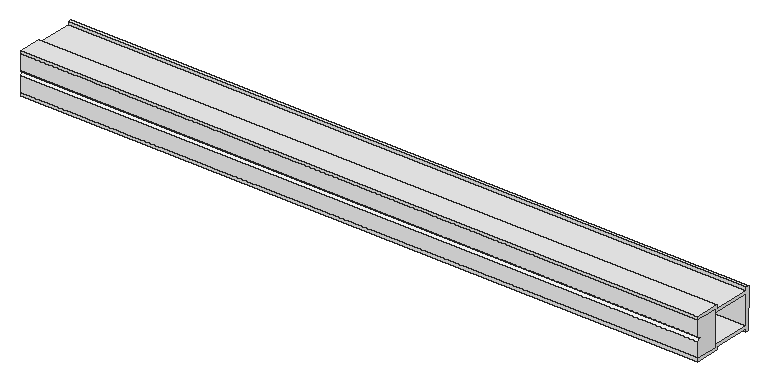
Revit family "4070749+4070746 Feilo Sylvania Lighting Fixture CURSUS 591MM 435LM OVAL LED 4K with CONTINUOUS WALL HOUSING", category Lighting Fixtures, host Face, Revit 2017
Family settings
  Host = Face
  Round Connector Dimension = Use Diameter
  Part Type = Normal
  OmniClass Number = 23.80.70.14
  OmniClass Title = Luminaries for External Lighting
  Cut with Voids When Loaded = Yes
  Light Source = Yes
  Shared = Yes
  Room Calculation Point = No
Parameters (values of type "4070749 CURSUS 591MM 435LM OVAL LED 4K")
  Width_FEILO = 35 mm
  Weight = "1.2 kg"
  Wattage Comments = "n/a"
  Wattage = 9 W
  WarrantyStartDate [instance] = "n/a"
  WarrantyGuarantorParts = "n/a"
  WarrantyDurationUnit = "n/a"
  WarrantyDurationParts = "n/a"
  WarrantyDescription = "n/a"
  WallThickness_FEILO = 2.5 mm
  built-in parameter 1150110 = 1 (stored number, unit not read)
  Voltage = 24 V
  URL = "http://www.sylvania-lighting.com"
  TypeName = "CURSUS 591MM 435LM OVAL LED 4K"
  Type Image = <None>
  Type Comments = "n/a"
  built-in parameter 1114217 = 1 (stored number, unit not read)
  Tilt Angle = -90.00°
  built-in parameter 1150109 = 1 (stored number, unit not read)
  built-in parameter 1150134 = 12
  built-in parameter 1150113 = 1 (stored number, unit not read)
  SerialNumber [instance] = "n/a"
  ReflectorMaterial = none
  PowerFactor = 0
  PowerConsumption = "9 W"
  Photometric Web File = "4070749.ies"
  NominalLength = 591 mm
  NominalHeight = 50 mm
  NominalDepth = 30 mm
  Name = "CURSUS 591MM 435LM OVAL LED 4K"
  ModelReference = Name  # "CURSUS 591MM 435LM OVAL LED 4K"
  ModelNumber = "4070749"
  Model = Name  # "CURSUS 591MM 435LM OVAL LED 4K"
  Material = "natural anodised extruded aluminium structure housing, optical system with pmma lenses diffuser"
  ManufacturerName = "Feilo Sylvania"
  Manufacturer = "Feilo Sylvania"
  LuminousEfficacy = "48.33 lm/W"
  built-in parameter 1150105 = 595.73 (stored number, unit not read)
  Lumens = 435 lm
  LuminaireType = ""
  built-in parameter 1150115 = 1 (stored number, unit not read)
  LightOutputRatio = "100"
  built-in parameter 1150137 = (empty or 0)
  built-in parameter 1150139 = (empty or 0)
  Length_FEILO = 597 mm
  LampsType = Lamp  # "LED"
  LampNominalLuminous = "435 lm"
  LampMacAdamStep = "n/a"
  LampColourTemperature = "4000 K"
  LampColourRenderingIndex = "80"
  built-in parameter 1150112 = 1 (stored number, unit not read)
  built-in parameter 1150114 = 1 (stored number, unit not read)
  Lamp = "LED"
  Keynote = "16500"
  InstallationDate [instance] = "n/a"
  InputVoltage = "24V DC"
  InputNominalFrequency = "n/a"
  built-in parameter 1150132 = (empty or 0)
  built-in parameter 1150102 = (empty or 0)
  built-in parameter 1150107 = 4000 (stored number, unit not read)
  built-in parameter 1150138 = (empty or 0)
  IngressProtection = "IP67"
  ImpactProtectionIndex = "IK07"
  built-in parameter 1150106 = 5.9573 (stored number, unit not read)
  IfcExportType = "IfcLightFixtureType"
  IfcExportAs = "IfcLightFixtureType"
  ExpectedLife = 50000
  EndCapRight [instance] = no
  EndCapLeft [instance] = no
  Emit from Rectangle Width = Width_FEILO - WallThickness_FEILO * 2  # 30 mm
  Emit from Rectangle Length = Length_FEILO - WallThickness_FEILO * 2  # 592 mm
  Emit Shape Visible in Rendering = no
  ElectricShockClassification = "Class III"
  built-in parameter 1150104 = 4.4903 (stored number, unit not read)
  DurationUnit = "hours"
  DocumentationLiterature = "http://www.sylvania-lighting.com/product/en-int/products/4070749"
  DimmingControlOptions = "n/a"
  Dimming Lamp Color Temperature Shift = <None>
  DiffuserMaterial = Diffuser-Sylvania-Glow
  Description = "LED Exterior Lighting Recessed Surface Mounted Linear Fixture, Natural anodised extruded aluminium structure. Die-cast aluminium end caps. Installation kit with harmonic steel springs., 435 lm, 9W, 48lm/W, 4000K, CRI80+,non dimmable,IP67, IK07, (HxWxD) 591x50x30mm, 3 step Mac Adam Ellipse, 1.2kg,, Classe III, 21-25V-DC, energy class : A++, A+, A"
  Default Elevation = 1219.2 mm
  CreatedOn = "1/8/2018"
  CreatedBy = ""
  Cost = 0
  Color Filter = 16777215
  built-in parameter 1114216 [instance] = (empty or 0)
  ClassificationValue = "EF_70_80"
  ClassificationName = "Uniclass2015"
  BodyMaterial = Body-Sylvania-Gray
  BarCode [instance] = "n/a"
  built-in parameter 1114218 = 1 (stored number, unit not read)
  built-in parameter 1150133 = 10 (stored number, unit not read)
  AssetType = "Fixed"
  AssetIdentifier [instance] = "n/a"
  Assembly Code = "D5020200"
  Apparent Load = 9 VA
  AccessoryMaterial = Diffuser-Sylvania-Glow
Reference planes
  plane 1 "Center (Front/Back)": y = 0
  plane 2: z = 0
  plane 3 "Center (Left/Right)": x = 0
  plane 4: x = 298.5
  plane 5: x = -298.5
  plane 6: x = -296
  plane 7: x = 296
  plane 8: z = 35
  plane 9: z = 17.5
  plane 10: z = 32.5
  plane 11: z = 2.5
  plane 12: z = 30
  plane 13: z = 5
  plane 14: y = -55
  plane 15: y = -53
  plane 16: y = -2.5
  plane 17: y = -37
  plane 18: y = -34.5
Forms (mm)
  Extrusion 1, solid, material "Body-Sylvania-Gray" <- "BodyMaterial"
    sketch origin (0, 0, 0) x (0, 1, 0) y (0, 0, 1)
      loop
        line (0, 35) -> (-2.5, 35) -> (-2.5, 32.5) -> (-34.5, 32.5) -> (-34.5, 35) -> (-55, 35) -> (-55, 32.5) -> (-37, 32.5) -> (-37, 30) -> (-2.5, 30) -> (-2.5, 5) -> (-37, 5) -> (-37, 2.5) -> (-55, 2.5) -> (-55, 0) -> (-34.5, 0) -> (-34.5, 2.5) -> (-2.5, 2.5) -> (-2.5, 0) -> (0, 0) -> (0, 35)
    from -296 to 296
  Extrusion 2, solid, material "Diffuser-Sylvania-Glow" <- "DiffuserMaterial"
    sketch origin (0, 0, 0) x (0, 1, 0) y (0, 0, 1)
      loop
        line (-37, 32.5) -> (-55, 32.5) -> (-55, 19.5) -> (-53, 17.5) -> (-55, 15.5) -> (-55, 2.5) -> (-37, 2.5) -> (-37, 32.5)
    from -296 to 296
  Extrusion 3, solid, material "Body-Sylvania-Gray" <- "BodyMaterial", visible <- "EndCapRight"
    sketch origin (296, 1524, 1219.2) x (0, 1, 0) y (0, 0, 1)
      loop
        line (-1579, -1184.2) -> (-1579, -1219.2) -> (-1524, -1219.2) -> (-1524, -1184.2) -> (-1579, -1184.2)
    from 0 to 2.5
  Extrusion 4, solid, material "Body-Sylvania-Gray" <- "BodyMaterial", visible <- "EndCapLeft"
    sketch origin (-296, 1524, 1219.2) x (0, 1, 0) y (0, 0, 1)
      loop
        line (-1579, -1184.2) -> (-1579, -1219.2) -> (-1524, -1219.2) -> (-1524, -1184.2) -> (-1579, -1184.2)
    from -2.5 to 0
Dimensions and locks
  equal spacing: plane 5, plane 3 "Center (Left/Right)", plane 4
  "Length_FEILO": plane 5 to plane 4
  equal spacing: plane 6, plane 3 "Center (Left/Right)", plane 7
  "WallThickness_FEILO": plane 5 to plane 6
  locked: plane 9 to plane 2 at 17.5
  locked: plane 8 to plane 2 at 35
  equal spacing: plane 11, plane 9, plane 10
  equal spacing: plane 13, plane 9, plane 12
  "WallThickness_FEILO": plane 12 to plane 10
  locked: plane 14 to plane 15 at 2
  locked: plane 14 to plane 17 at 18
  "WallThickness_FEILO": plane 17 to plane 18
  "WallThickness_FEILO": plane 16 to plane 1 "Center (Front/Back)"
  locked: plane 15 to Extrusion 2 sketch curve (angle 45.00°)
  locked: Extrusion 2 sketch curve to plane 15 (angle 45.00°)
  aligned and locked: plane 2 to host face
  aligned and locked: level to host face
  aligned and locked: plane 1 "Center (Front/Back)" to Extrusion 1 sketch curve
  aligned and locked: Extrusion 1 sketch curve to plane 8  (x2)
  aligned and locked: plane 16 to Extrusion 1 sketch curve
  aligned and locked: host face to Extrusion 1 sketch curve
  aligned and locked: Extrusion 1 sketch curve to plane 16  (x2)
  aligned and locked: Extrusion 1 sketch curve to plane 11
  aligned and locked: plane 18 to Extrusion 1 sketch curve
  aligned and locked: level to Extrusion 1 sketch curve
  aligned and locked: plane 11 to Extrusion 1 sketch curve
  aligned and locked: Extrusion 1 sketch curve to plane 17
  aligned and locked: plane 13 to Extrusion 1 sketch curve
  aligned and locked: Extrusion 1 sketch curve to plane 12
  aligned and locked: plane 10 to Extrusion 1 sketch curve  (x2)
  aligned and locked: plane 17 to Extrusion 1 sketch curve  (x2)
  aligned and locked: plane 12 to Extrusion 1 sketch curve
  aligned and locked: Extrusion 1 sketch curve to plane 10
  aligned and locked: Extrusion 1 sketch curve to plane 18
  aligned and locked: plane 7 to Extrusion 1
  aligned and locked: Extrusion 1 to plane 6
  aligned and locked: Extrusion 2 sketch curve to Extrusion 1  (x4)
  aligned and locked: Extrusion 1 to Extrusion 2 sketch curve
  aligned and locked: plane 9 to Extrusion 2 sketch curve
  aligned and locked: plane 7 to Extrusion 2
  aligned and locked: Extrusion 2 to plane 6
  aligned and locked: Extrusion 3 sketch curve to Extrusion 1  (x4)
  aligned and locked: plane 4 to Extrusion 3
  aligned and locked: Extrusion 3 to plane 7
  aligned and locked: Extrusion 4 sketch curve to Extrusion 3  (x3)
  aligned and locked: Extrusion 4 sketch curve to Extrusion 1
  aligned and locked: Extrusion 4 to plane 5
  aligned and locked: plane 6 to Extrusion 4
  aligned and locked: plane 14 to imposter light
  aligned and locked: imposter light to plane 9
  aligned and locked: plane 3 "Center (Left/Right)" to imposter light
Automatic sketch dimensions
  host sketch curve to host sketch curve = 2438.4 mm  (x2)
  Extrusion 1 sketch curve to plane 14 = 0 mm  (x2)
  Extrusion 2 sketch curve to plane 15 = 0 mm
Connectors
  electrical at (0, 0, 0), driven by "Apparent Load", driven by "PowerFactor", driven by "Voltage"
    settings: index 1, voltage 24 V, apparent load 9 VA, apparent load phase1 0 VA, apparent load phase2 0 VA, apparent load phase3 0 VA, power factor 0, load classification "Lighting", number of poles 1, system type 30, power factor state 1, is connector primary yes, connector utility no, sub classification motor no, connector description ""
